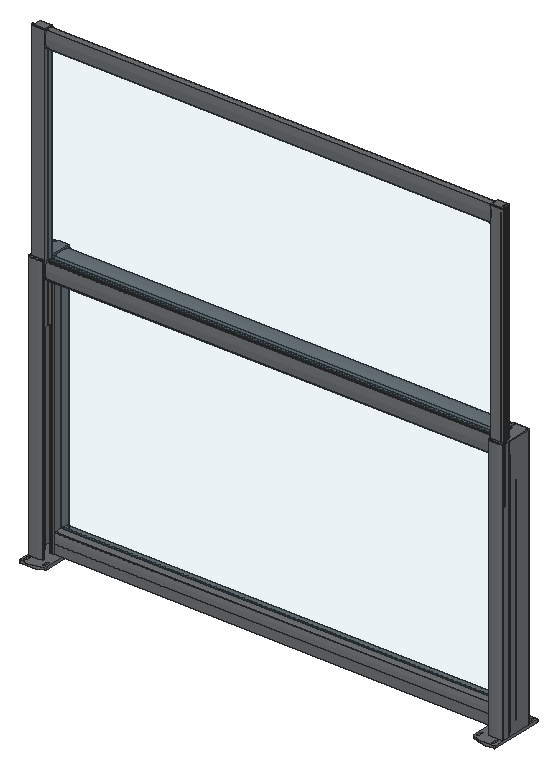
Revit family "Verano_V745_Luderitz_GM_R21", category Generic Models, Revit 2021
Family settings
  Can host rebar = No
  Round Connector Dimension = Use Diameter
  Part Type = Normal
  Work Plane-Based = No
  Always vertical = Yes
  Cut with Voids When Loaded = No
  Shared = No
  Room Calculation Point = No
Parameters (values of type "Glass Slide Out")
  Width Input (1000 - 3000mm) [instance] = 2000 mm
  Width [instance] = Owerall Width Constraint  # 2000 mm
  Warning - Width [instance] = if(or([Width Input (1000 - 3000mm)] < Minimal Width, [Width Input (1000 - 3000mm)] > Maximal Width), 1 = 1, 1 = 0)  # no
  Warning - Height [instance] = if(or([Height Input (1000 - 3000mm)] < Minimal Height, [Height Input (1000 - 3000mm)] > Maximal Height), 1 = 1, 1 = 0)  # no
  URL = "https://verano.nl/en/catalog/windscreens-fences"
  Sliding Frame Bottom [instance] = if(Opening Percentage Constraint = 0, 10 mm, (A - C) * Opening Percentage Constraint / 100 + 10 mm)  # 883 mm
  Opening Percentage Constraint [instance] = if(Opening Percentage < 0, 0, if(Opening Percentage > 100, 100, Opening Percentage))  # 100
  Opening Percentage [instance] = 100
  Top Profile_Fix_Length [instance] = Owerall Width Constraint - 2 * 61 mm  # 1878 mm
  Top Profile_Fix_Height [instance] = A - 61 mm + 10 mm  # 1076 mm
  Sliding Frame Height [instance] = D - A + C  # 1127 mm
  Minimal Height = 1500 mm  # constant formula
  Maximal Height = 2500 mm  # constant formula
  Owerall Width Constraint [instance] = if([Width Input (1000 - 3000mm)] < Minimal Width, Minimal Width, if([Width Input (1000 - 3000mm)] > Maximal Width, Maximal Width, [Width Input (1000 - 3000mm)]))  # 2000 mm
  Model = "V745 Luderitz"
  Minimal Width = 1000 mm  # constant formula
  Maximal Width = 3000 mm  # constant formula
  Manufacturer = "Verano Systems"
  Height Input (1000 - 3000mm) [instance] = 2000 mm
  Height [instance] = D  # 2000 mm
  Glass_Slide_Out = yes
  Glass_Slide_In = no
  Glass Material = Glass
  Frame Material = V_Antracite
  Foot_Straight_Right [instance] = yes
  Foot_Straight_Left [instance] = yes
  Foot_Corner_Right [instance] = not(Foot_Straight_Right)  # no
  Foot_Corner_Left [instance] = not(Foot_Straight_Left)  # no
  Fixed Glass Width [instance] = Owerall Width Constraint - 2 * 55 mm  # 1890 mm
  Fixed Glass Top Offset = 67 mm  # constant formula
  Fixed Glass Height [instance] = A - 65 mm  # 1062 mm
  Fixed Glass Bottom Offset = 77.5 mm  # constant formula
  Description = "Movable part elektrical operated"
  Default Elevation = 0 mm
  D min [instance] = 1500 mm  # constant formula
  D max [instance] = 2500 mm  # constant formula
  D [instance] = if([Height Input (1000 - 3000mm)] < D min, D min, if([Height Input (1000 - 3000mm)] > D max, D max, [Height Input (1000 - 3000mm)]))  # 2000 mm
  C [instance] = 254 mm  # constant formula
  Bottom Profile_Fix_Length [instance] = Owerall Width Constraint - 2 * 61 mm  # 1878 mm
  A min [instance] = D min / 2 - 127 mm  # 623 mm
  A max [instance] = D max / 2 - 127 mm  # 1123 mm
  A [instance] = if(D < D min, D min / 2 + 127 mm, if(D > D max, D max / 2 + 127 mm, D / 2 + 127 mm))  # 1127 mm
Reference planes
  plane 1 "Center (Front/Back)": y = 0
  plane 2: z = 0
  plane 3 "Center (Left/Right)": x = 0
  plane 4: x = -1000
  plane 5: x = 1000
  plane 6: x = -945
  plane 7: x = 945
  plane 8: y = -25.925
  plane 9: y = 25.925
  plane 10: y = -21.525
  plane 11: y = -30.325
  plane 12: z = 77.5
  plane 13: z = 2500
  plane 14: y = 40.47
  plane 15: y = -40.47
  plane 16: z = 10
Forms (mm)
  Extrusion 1, solid, material "Glass" <- "Glass Material", visible <- "Glass_Slide_In"
    sketch origin (0, 0, 0) x (1, 0, 0) y (0, 1, 0)
      loop
        line (-945, -21.525) -> (-945, -30.325) -> (945, -30.325) -> (945, -21.525) -> (-945, -21.525)
    from 77.5 to 1062 <- "Fixed Glass Height"
  Extrusion 2, solid, material "Glass" <- "Glass Material", visible <- "Glass_Slide_Out"
    sketch origin (0, 0, 0) x (1, 0, 0) y (0, 1, 0)
      loop
        line (-945, 21.525) -> (945, 21.525) -> (945, 30.325) -> (-945, 30.325) -> (-945, 21.525)
    from 77.5 to 1062 <- "Fixed Glass Height"
Dimensions and locks
  equal spacing: plane 4, plane 3 "Center (Left/Right)", plane 5
  "Owerall Width Constraint": plane 4 to plane 5
  equal spacing: plane 6, plane 3 "Center (Left/Right)", plane 7
  "Fixed Glass Width": plane 6 to plane 7
  locked: plane 8 to plane 1 "Center (Front/Back)" at 25.925
  locked: plane 1 "Center (Front/Back)" to plane 9 at 25.925
  Extrusion 1 to Extrusion 1 = 984.5 mm
  "Fixed Glass Bottom Offset": plane 12 to plane 2
  plane 13 to plane 2 = 2500 mm
  locked: plane 1 "Center (Front/Back)" to plane 14 at 40.47
  locked: plane 15 to plane 1 "Center (Front/Back)" at 40.47
  locked: plane 16 to plane 2 at 10
  nested 4 to level = 1076 mm
  nested 8 to plane 16 = 873 mm
  nested 1 to plane 16 = 1127 mm
  nested 8 to nested 8 = 1127 mm
  nested 8 to plane 16 = 2000 mm
  aligned and locked: level to plane 2
  aligned and locked: plane 1 "Center (Front/Back)" to nested 1
  aligned and locked: plane 4 to nested 1
  aligned and locked: plane 1 "Center (Front/Back)" to nested 2
  aligned and locked: plane 5 to nested 2
  aligned and locked: Extrusion 1 sketch curve to plane 6
  aligned and locked: Extrusion 1 sketch curve to plane 10
  aligned and locked: Extrusion 1 sketch curve to plane 11
  aligned and locked: Extrusion 1 sketch curve to plane 7
  aligned and locked: plane 3 "Center (Left/Right)" to nested 3
  aligned and locked: plane 8 to nested 3
  aligned and locked: plane 3 "Center (Left/Right)" to nested 5
  aligned and locked: plane 8 to nested 5
  aligned and locked: plane 3 "Center (Left/Right)" to nested 7
Automatic sketch dimensions
  Extrusion 2 sketch curve to plane 6 = 0 mm
  Extrusion 2 sketch curve to plane 7 = 0 mm
  Extrusion 2 sketch curve to plane 9 = 4.4 mm
  plane 9 to Extrusion 2 sketch curve = 4.4 mm
Nested families
  nested 1: "V-Pillar Left" at (-1000, 0, 0), type "V-Pillar Left"
    with Profile Length 1127 mm, Pillar Height 877 mm, Glass Slide Out yes, Glass Slide In no, Cap Height 1137 mm
  nested 2: "V-Pillar Right" at (1000, 0, 0), type "V-Pillar Right"
    with Profile Height 1125 mm, Pillar Height Constraint 1127 mm, Pillar Height 1127 mm, Glass Slide Out yes, Glass Slide In no, Cap Height 1127 mm
  nested 3: "V-Top Profile-Fix" at (0, -25.925, 1076), built-in parameter 1001360 <- "Top Profile_Fix_Height", visible <- "Glass_Slide_In", type "V-Top Profile-Fix"
  nested 4: "V-Top Profile-Fix" at (0, 25.925, 1076), built-in parameter 1001360 <- "Top Profile_Fix_Height", visible <- "Glass_Slide_Out", type "V-Top Profile-Fix"
  nested 5: "V-bottom Profile-Fix" at (0, -25.925, 0), visible <- "Glass_Slide_In", type "V-bottom Profile-Fix"
  nested 6: "V-bottom Profile-Fix" at (0, 25.925, 0), visible <- "Glass_Slide_Out", type "V-bottom Profile-Fix"
  nested 7: "V-Luderitz_Sliding Frame" at (0, 40.47, 883), visible <- "Glass_Slide_In", built-in parameter 1001360 <- "Sliding Frame Bottom", type "V-Luderitz_Sliding Frame"
    with Vertical Profile Height 1125 mm, Glass Height 1062 mm, Frame Height 1127 mm
  nested 8: "V-Luderitz_Sliding Frame" at (0, -40.47, 883), visible <- "Glass_Slide_Out", built-in parameter 1001360 <- "Sliding Frame Bottom", type "V-Luderitz_Sliding Frame"
    with Vertical Profile Height 1125 mm, Glass Height 1062 mm, Frame Height 1127 mm
Definition of nested family "V-Pillar Left"
  Parameters (values of type "V-Pillar Left")
    Straight Foot = yes
    Profile Length = 1000 mm
    Pillar Height = 1375 mm
    Glass Slide Out = no
    Glass Slide In = yes
    Frame Material = none
    Foot height = 10 mm  # constant formula
    Default Elevation = 0 mm
    Corner Foot = no
    Cap Height = Profile Length + Foot height  # 1010 mm
  Reference planes
    plane 1 "Center (Front/Back)": y = 0
    plane 2: z = 0
    plane 3 "Center (Left/Right)": x = 0
    plane 4 "1": z = 10
    plane 5 "2": z = 1010
  Forms (mm)
    Extrusion 1, solid, material <- "Frame Material", visible <- "Straight Foot"
      sketch origin (0, 0, 0) x (1, 0, 0) y (0, 1, 0)
        loop
          arc (97.085, 102.067) -> (51.564, 115.237) -> (4.182, 114.495) r 160
          arc (4.182, 114.495) -> (1.186, 112.796) -> (0, 109.563) r 5
          line (0, 109.563) -> (0, -109.264)
          arc (0, -109.264) -> (1.186, -112.497) -> (4.182, -114.196) r 5
          arc (4.182, -114.196) -> (51.564, -114.938) -> (97.085, -101.769) r 160
          arc (97.085, -101.769) -> (99.209, -99.924) -> (100, -97.224) r 5
          line (100, -97.224) -> (100, 97.523)
          arc (100, 97.523) -> (99.209, 100.222) -> (97.085, 102.067) r 5
        loop
          arc (81, -90.912) -> (87, -96.912) -> (93, -90.912) r 6
          line (93, -90.912) -> (93, -77.912)
          arc (93, -77.912) -> (87, -71.912) -> (81, -77.912) r 6
          line (81, -77.912) -> (81, -90.912)
        loop
          arc (19, -88.316) -> (13, -82.316) -> (7, -88.316) r 6
          line (7, -88.316) -> (7, -101.316)
          arc (7, -101.316) -> (13, -107.316) -> (19, -101.316) r 6
          line (19, -101.316) -> (19, -88.316)
        loop
          arc (93, 91.211) -> (87, 97.211) -> (81, 91.211) r 6
          line (81, 91.211) -> (81, 78.211)
          arc (81, 78.211) -> (87, 72.211) -> (93, 78.211) r 6
          line (93, 78.211) -> (93, 91.211)
        loop
          arc (19, 101.615) -> (13, 107.615) -> (7, 101.615) r 6
          line (7, 101.615) -> (7, 88.615)
          arc (7, 88.615) -> (13, 82.615) -> (19, 88.615) r 6
          line (19, 88.615) -> (19, 101.615)
      from 0 to 10 <- "Foot height"
    Extrusion 2, solid, material <- "Frame Material", visible <- "Glass Slide In"
      sketch origin (0, 0, 10) x (-1, 0, 0) y (0, -1, 0)
        loop
          arc (-60.246, -67.773) -> (-30.638, -71.65) -> (-1.031, -67.773) r 115
          arc (-1.031, -67.773) -> (-0.495, -67.416) -> (-0.288, -66.807) r 1
          line (-0.288, -66.807) -> (-0.288, -46.05) -> (-1.888, -46.05) -> (-1.888, -49.15) -> (-9.288, -49.15) -> (-9.288, -31.75) -> (-1.888, -31.75) -> (-1.888, -34.85) -> (-0.298, -34.85) -> (-0.298, 66.734)
          arc (-0.298, 66.734) -> (-0.504, 67.342) -> (-1.036, 67.699) r 1
          arc (-1.036, 67.699) -> (-30.652, 71.65) -> (-60.267, 67.698) r 112.969
          arc (-60.267, 67.698) -> (-60.799, 67.34) -> (-61.005, 66.733) r 1
          line (-61.005, 66.733) -> (-61.005, 31.9) -> (-59.405, 31.9) -> (-59.405, 35.001) -> (-52.005, 35.001) -> (-52.005, 17.6) -> (-59.405, 17.6) -> (-59.405, 20.701) -> (-61.005, 20.701) -> (-61.005, -13.348)
          arc (-61.005, -13.348) -> (-60.812, -13.938) -> (-60.309, -14.301) r 1
          line (-60.309, -14.301) -> (-49.005, -17.289) -> (-49.005, -15.756) -> (-50.505, -15.425) -> (-50.505, -14.261) -> (-51.505, -14.261) -> (-51.505, -15.261) -> (-52.805, -15.261) -> (-52.805, -9.761) -> (-51.505, -9.761) -> (-51.505, -10.761) -> (-50.505, -10.761) -> (-50.505, -8.461) -> (-53.993, -8.461) -> (-54.682, -9.126)
          arc (-54.682, -9.126) -> (-56.333, -12.811) -> (-57.889, -9.085) r 2.2
          line (-57.889, -9.085) -> (-59.005, -8.009) -> (-59.005, 15.601) -> (-50.005, 15.601) -> (-50.005, 37) -> (-59.005, 37) -> (-59.005, 60.61) -> (-57.668, 59.719)
          arc (-57.668, 59.719) -> (-56.598, 59.944) -> (-56.373, 61.014) r 1
          arc (-56.373, 61.014) -> (-57.86, 64.768) -> (-54.106, 63.281) r 2.2
          arc (-54.106, 63.281) -> (-53.035, 63.506) -> (-52.811, 64.576) r 1
          arc (-52.811, 64.576) -> (-53.83, 66.03) -> (-55.403, 66.853) r 3.75
          arc (-55.403, 66.853) -> (-33.362, 69.617) -> (-11.212, 67.934) r 110.904
          arc (-11.212, 67.934) -> (-10.516, 67.439) -> (-10.456, 66.586) r 1
          line (-10.456, 66.586) -> (-10.811, 65.673)
          arc (-10.811, 65.673) -> (-9.995, 65.083) -> (-8.99, 65.003) r 1.867
          arc (-8.99, 65.003) -> (-5.229, 66.562) -> (-6.795, 62.803) r 2.202
          line (-6.795, 62.803) -> (-6.795, 57.53) -> (-4.798, 57.53) -> (-4.798, 61.53) -> (-2.298, 61.53) -> (-2.298, -9.17) -> (-4.798, -9.17) -> (-4.798, -5.17) -> (-6.798, -5.17) -> (-6.798, -7.894) -> (-20.348, -7.894) -> (-20.348, -10.194) -> (-19.348, -10.194) -> (-19.348, -9.194) -> (-18.048, -9.194) -> (-18.048, -14.694) -> (-19.348, -14.694) -> (-19.348, -13.694) -> (-20.348, -13.694) -> (-20.348, -15.994) -> (-16.748, -15.994) -> (-16.748, -13.746)
          arc (-16.748, -13.746) -> (-16.22, -13.55) -> (-15.813, -13.159) r 1.387
          line (-15.813, -13.159) -> (-16.381, -12.354)
          arc (-16.381, -12.354) -> (-14.298, -9.386) -> (-12.216, -12.354) r 2.215
          line (-12.216, -12.354) -> (-12.783, -13.159) -> (-11.898, -14.044) -> (-11.898, -30.15) -> (-21.638, -30.15)
          arc (-21.638, -30.15) -> (-22.888, -31.4) -> (-21.638, -32.65) r 1.25
          line (-21.638, -32.65) -> (-11.788, -32.65) -> (-11.788, -48.25) -> (-21.638, -48.25)
          arc (-21.638, -48.25) -> (-22.888, -49.5) -> (-21.638, -50.75) r 1.25
          line (-21.638, -50.75) -> (-3.788, -50.75) -> (-3.788, -60.45) -> (-59.988, -60.45)
          arc (-59.988, -60.45) -> (-60.695, -60.742) -> (-60.988, -61.45) r 1
          line (-60.988, -61.45) -> (-60.988, -66.807)
          arc (-60.988, -66.807) -> (-60.781, -67.416) -> (-60.246, -67.773) r 1
      from 0 to 1000 <- "Profile Length"
    Extrusion 3, solid, material <- "Frame Material", visible <- "Glass Slide In"
      sketch origin (0, 0, 1010) x (-1, 0, 0) y (0, -1, 0)
        loop
          arc (-1.06, -68.336) -> (-0.231, -67.77) -> (0.055, -66.807) r 1.5
          line (0.055, -66.807) -> (0.055, 66.48)
          arc (0.055, 66.48) -> (-0.231, 67.442) -> (-1.06, 68.009) r 1.5
          arc (-1.06, 68.009) -> (-30.651, 71.822) -> (-60.231, 67.929) r 115.5
          arc (-60.231, 67.929) -> (-61.034, 67.393) -> (-61.345, 66.48) r 1.5
          line (-61.345, 66.48) -> (-61.345, -19.15)
          arc (-61.345, -19.15) -> (-60.905, -20.211) -> (-59.843, -20.65) r 1.5
          line (-59.843, -20.65) -> (-14.745, -20.65)
          arc (-14.745, -20.65) -> (-13.118, -21.323) -> (-12.445, -22.95) r 2.3
          line (-12.445, -22.95) -> (-12.445, -48.95)
          arc (-12.445, -48.95) -> (-12.152, -49.657) -> (-11.445, -49.95) r 1
          line (-11.445, -49.95) -> (-6.145, -49.95)
          arc (-6.145, -49.95) -> (-4.518, -50.623) -> (-3.845, -52.25) r 2.3
          line (-3.845, -52.25) -> (-3.845, -57.95)
          arc (-3.845, -57.95) -> (-4.518, -59.576) -> (-6.145, -60.25) r 2.3
          line (-6.145, -60.25) -> (-59.845, -60.25)
          arc (-59.845, -60.25) -> (-60.905, -60.688) -> (-61.345, -61.748) r 1.5
          line (-61.345, -61.748) -> (-61.345, -66.807)
          arc (-61.345, -66.807) -> (-61.034, -67.721) -> (-60.231, -68.256) r 1.5
          arc (-60.231, -68.256) -> (-30.651, -72.149) -> (-1.06, -68.336) r 115.5
      from 0 to 2
    Extrusion 4, solid, material <- "Frame Material", visible <- "Corner Foot"
      sketch origin (0, 0, 0) x (1, 0, 0) y (0, 1, 0)
        loop
          line (47.938, 115.68) -> (-118.931, -51.012)
          arc (-118.931, -51.012) -> (-64.88, -90.409) -> (-1.945, -113.057) r 235.973
          arc (-1.945, -113.057) -> (48.472, -115.321) -> (97.085, -101.769) r 160
          arc (97.085, -101.769) -> (99.209, -99.924) -> (100, -97.224) r 5
          line (100, -97.224) -> (100, 97.523)
          arc (100, 97.523) -> (99.209, 100.222) -> (97.085, 102.067) r 5
          arc (97.085, 102.067) -> (73.057, 110.844) -> (47.938, 115.68) r 160
        loop
          line (-77.989, -50.659) -> (-85.401, -61.424)
          arc (-85.401, -61.424) -> (-83.974, -69.698) -> (-75.694, -68.306) r 5.949
          line (-75.694, -68.306) -> (-68.106, -57.718)
          arc (-68.106, -57.718) -> (-69.577, -49.329) -> (-77.989, -50.659) r 6.073
        loop
          arc (93, -77.912) -> (87, -71.912) -> (81, -77.912) r 6
          line (81, -77.912) -> (81, -90.912)
          arc (81, -90.912) -> (87, -96.912) -> (93, -90.912) r 6
          line (93, -90.912) -> (93, -77.912)
        loop
          line (81, 91.211) -> (81, 78.211)
          arc (81, 78.211) -> (87, 72.211) -> (93, 78.211) r 6
          line (93, 78.211) -> (93, 91.211)
          arc (93, 91.211) -> (87, 97.211) -> (81, 91.211) r 6
      from 0 to 10 <- "Foot height"
    Extrusion 5, solid, material <- "Frame Material", visible <- "Glass Slide Out"
      sketch origin (0, 0, 10) x (-1, 0, 0) y (0, -1, 0)
        loop
          arc (-60.246, 67.773) -> (-60.781, 67.416) -> (-60.988, 66.807) r 1
          line (-60.988, 66.807) -> (-60.988, 61.45)
          arc (-60.988, 61.45) -> (-60.695, 60.742) -> (-59.988, 60.45) r 1
          line (-59.988, 60.45) -> (-3.788, 60.45) -> (-3.788, 50.75) -> (-21.638, 50.75)
          arc (-21.638, 50.75) -> (-22.888, 49.5) -> (-21.638, 48.25) r 1.25
          line (-21.638, 48.25) -> (-11.788, 48.25) -> (-11.788, 32.65) -> (-21.638, 32.65)
          arc (-21.638, 32.65) -> (-22.888, 31.4) -> (-21.638, 30.15) r 1.25
          line (-21.638, 30.15) -> (-11.898, 30.15) -> (-11.898, 14.044) -> (-12.783, 13.159) -> (-12.216, 12.354)
          arc (-12.216, 12.354) -> (-14.298, 9.386) -> (-16.381, 12.354) r 2.215
          line (-16.381, 12.354) -> (-15.813, 13.159)
          arc (-15.813, 13.159) -> (-16.22, 13.55) -> (-16.748, 13.746) r 1.387
          line (-16.748, 13.746) -> (-16.748, 15.994) -> (-20.348, 15.994) -> (-20.348, 13.694) -> (-19.348, 13.694) -> (-19.348, 14.694) -> (-18.048, 14.694) -> (-18.048, 9.194) -> (-19.348, 9.194) -> (-19.348, 10.194) -> (-20.348, 10.194) -> (-20.348, 7.894) -> (-6.798, 7.894) -> (-6.798, 5.17) -> (-4.798, 5.17) -> (-4.798, 9.17) -> (-2.298, 9.17) -> (-2.298, -61.53) -> (-4.798, -61.53) -> (-4.798, -57.53) -> (-6.795, -57.53) -> (-6.795, -62.803)
          arc (-6.795, -62.803) -> (-5.229, -66.562) -> (-8.99, -65.003) r 2.202
          arc (-8.99, -65.003) -> (-9.995, -65.083) -> (-10.811, -65.673) r 1.867
          line (-10.811, -65.673) -> (-10.456, -66.586)
          arc (-10.456, -66.586) -> (-10.516, -67.439) -> (-11.212, -67.934) r 1
          arc (-11.212, -67.934) -> (-33.362, -69.617) -> (-55.403, -66.853) r 110.904
          arc (-55.403, -66.853) -> (-53.83, -66.03) -> (-52.811, -64.576) r 3.75
          arc (-52.811, -64.576) -> (-53.035, -63.506) -> (-54.106, -63.281) r 1
          arc (-54.106, -63.281) -> (-57.86, -64.768) -> (-56.373, -61.014) r 2.2
          arc (-56.373, -61.014) -> (-56.598, -59.944) -> (-57.668, -59.719) r 1
          line (-57.668, -59.719) -> (-59.005, -60.61) -> (-59.005, -37) -> (-50.005, -37) -> (-50.005, -15.601) -> (-59.005, -15.601) -> (-59.005, 8.009) -> (-57.889, 9.085)
          arc (-57.889, 9.085) -> (-56.333, 12.811) -> (-54.682, 9.126) r 2.2
          line (-54.682, 9.126) -> (-53.993, 8.461) -> (-50.505, 8.461) -> (-50.505, 10.761) -> (-51.505, 10.761) -> (-51.505, 9.761) -> (-52.805, 9.761) -> (-52.805, 15.261) -> (-51.505, 15.261) -> (-51.505, 14.261) -> (-50.505, 14.261) -> (-50.505, 15.425) -> (-49.005, 15.756) -> (-49.005, 17.289) -> (-60.309, 14.301)
          arc (-60.309, 14.301) -> (-60.812, 13.938) -> (-61.005, 13.348) r 1
          line (-61.005, 13.348) -> (-61.005, -20.701) -> (-59.405, -20.701) -> (-59.405, -17.6) -> (-52.005, -17.6) -> (-52.005, -35.001) -> (-59.405, -35.001) -> (-59.405, -31.9) -> (-61.005, -31.9) -> (-61.005, -66.733)
          arc (-61.005, -66.733) -> (-60.799, -67.34) -> (-60.267, -67.698) r 1
          arc (-60.267, -67.698) -> (-30.652, -71.65) -> (-1.036, -67.699) r 112.969
          arc (-1.036, -67.699) -> (-0.504, -67.342) -> (-0.298, -66.734) r 1
          line (-0.298, -66.734) -> (-0.298, 34.85) -> (-1.888, 34.85) -> (-1.888, 31.75) -> (-9.288, 31.75) -> (-9.288, 49.15) -> (-1.888, 49.15) -> (-1.888, 46.05) -> (-0.288, 46.05) -> (-0.288, 66.807)
          arc (-0.288, 66.807) -> (-0.495, 67.416) -> (-1.031, 67.773) r 1
          arc (-1.031, 67.773) -> (-30.638, 71.65) -> (-60.246, 67.773) r 115
      from 0 to 1000 <- "Profile Length"
    Extrusion 6, solid, material <- "Frame Material", visible <- "Glass Slide Out"
      sketch origin (0, 0, 1010) x (-1, 0, 0) y (0, -1, 0)
        loop
          arc (-1.06, 68.336) -> (-30.651, 72.149) -> (-60.231, 68.256) r 115.5
          arc (-60.231, 68.256) -> (-61.034, 67.721) -> (-61.345, 66.807) r 1.5
          line (-61.345, 66.807) -> (-61.345, 61.748)
          arc (-61.345, 61.748) -> (-60.905, 60.688) -> (-59.845, 60.25) r 1.5
          line (-59.845, 60.25) -> (-6.145, 60.25)
          arc (-6.145, 60.25) -> (-4.518, 59.576) -> (-3.845, 57.95) r 2.3
          line (-3.845, 57.95) -> (-3.845, 52.25)
          arc (-3.845, 52.25) -> (-4.518, 50.623) -> (-6.145, 49.95) r 2.3
          line (-6.145, 49.95) -> (-11.445, 49.95)
          arc (-11.445, 49.95) -> (-12.152, 49.657) -> (-12.445, 48.95) r 1
          line (-12.445, 48.95) -> (-12.445, 22.95)
          arc (-12.445, 22.95) -> (-13.118, 21.323) -> (-14.745, 20.65) r 2.3
          line (-14.745, 20.65) -> (-59.843, 20.65)
          arc (-59.843, 20.65) -> (-60.905, 20.211) -> (-61.345, 19.15) r 1.5
          line (-61.345, 19.15) -> (-61.345, -66.48)
          arc (-61.345, -66.48) -> (-61.034, -67.393) -> (-60.231, -67.929) r 1.5
          arc (-60.231, -67.929) -> (-30.651, -71.822) -> (-1.06, -68.009) r 115.5
          arc (-1.06, -68.009) -> (-0.231, -67.442) -> (0.055, -66.48) r 1.5
          line (0.055, -66.48) -> (0.055, 66.807)
          arc (0.055, 66.807) -> (-0.231, 67.77) -> (-1.06, 68.336) r 1.5
      from 0 to 2
  Dimensions and locks
    locked: plane 4 "1" to level at 10
    plane 5 "2" to plane 4 "1" = 1000 mm
    "Cap Height": plane 5 "2" to level
    aligned and locked: level to plane 2
  Automatic sketch dimensions
    Extrusion 1 sketch curve to plane 3 "Center (Left/Right)" = 0 mm
    Extrusion 1 sketch curve to Extrusion 1 sketch curve = 5 mm  (x3)
    plane 3 "Center (Left/Right)" to Extrusion 1 sketch curve = 7 mm  (x2)
    Extrusion 1 sketch curve to Extrusion 1 sketch curve = 6 mm  (x4)
    plane 3 "Center (Left/Right)" to Extrusion 1 sketch curve = 30.35 mm  (x2)
    Extrusion 1 sketch curve to Extrusion 1 sketch curve = 50.65 mm
    Extrusion 1 sketch curve to Extrusion 1 sketch curve = 62 mm
    Extrusion 1 sketch curve to Extrusion 1 sketch curve = 2 mm  (x2)
    plane 1 "Center (Front/Back)" to Extrusion 1 sketch curve = 109.264 mm
    Extrusion 1 sketch curve to Extrusion 1 sketch curve = 7.948 mm  (x2)
    Extrusion 1 sketch curve to Extrusion 1 sketch curve = 4.092 mm
    Extrusion 1 sketch curve to Extrusion 1 sketch curve = 6.312 mm  (x2)
    Extrusion 1 sketch curve to Extrusion 1 sketch curve = 13 mm  (x4)
    plane 1 "Center (Front/Back)" to Extrusion 1 sketch curve = 43.35 mm
    Extrusion 1 sketch curve to plane 1 "Center (Front/Back)" = 43.649 mm
    Extrusion 1 sketch curve to Extrusion 1 sketch curve = 34.562 mm
    Extrusion 1 sketch curve to Extrusion 1 sketch curve = 44.966 mm
    Extrusion 1 sketch curve to Extrusion 1 sketch curve = 0 mm  (x2)
    plane 3 "Center (Left/Right)" to Extrusion 2 sketch curve = 61.005 mm
    Extrusion 2 sketch curve to Extrusion 2 sketch curve = 0 mm  (x7)
    Extrusion 2 sketch curve to Extrusion 2 sketch curve = 0.016 mm
    Extrusion 2 sketch curve to plane 1 "Center (Front/Back)" = 14.301 mm
    Extrusion 2 sketch curve to Extrusion 2 sketch curve = 0.696 mm
    Extrusion 2 sketch curve to Extrusion 2 sketch curve = 1 mm  (x15)
    Extrusion 2 sketch curve to Extrusion 2 sketch curve = 1.6 mm  (x2)
    Extrusion 2 sketch curve to Extrusion 2 sketch curve = 0.4 mm
    Extrusion 2 sketch curve to plane 1 "Center (Front/Back)" = 9.085 mm
    Extrusion 2 sketch curve to Extrusion 2 sketch curve = 1.116 mm
    Extrusion 2 sketch curve to Extrusion 2 sketch curve = 1.336 mm
    Extrusion 2 sketch curve to Extrusion 2 sketch curve = 0.364 mm
    Extrusion 2 sketch curve to Extrusion 2 sketch curve = 1.584 mm
    Extrusion 2 sketch curve to plane 1 "Center (Front/Back)" = 9.126 mm
    Extrusion 2 sketch curve to Extrusion 2 sketch curve = 1.622 mm
    Extrusion 2 sketch curve to Extrusion 2 sketch curve = 0.69 mm
    Extrusion 2 sketch curve to Extrusion 2 sketch curve = 2.562 mm  (x2)
    Extrusion 2 sketch curve to Extrusion 2 sketch curve = 1.188 mm
    Extrusion 2 sketch curve to Extrusion 2 sketch curve = 7 mm
    Extrusion 2 sketch curve to Extrusion 2 sketch curve = 1.3 mm  (x7)
    Extrusion 2 sketch curve to Extrusion 2 sketch curve = 2 mm  (x4)
    Extrusion 2 sketch curve to Extrusion 2 sketch curve = 1.5 mm
    Extrusion 2 sketch curve to Extrusion 2 sketch curve = 18.354 mm
    Extrusion 2 sketch curve to Extrusion 2 sketch curve = 0.002 mm
    Extrusion 2 sketch curve to Extrusion 2 sketch curve = 19.366 mm
    Extrusion 2 sketch curve to Extrusion 2 sketch curve = 9.01 mm
    Extrusion 2 sketch curve to Extrusion 2 sketch curve = 9.012 mm
    Extrusion 2 sketch curve to Extrusion 2 sketch curve = 1.29 mm
    Extrusion 2 sketch curve to Extrusion 2 sketch curve = 1.091 mm
    Extrusion 2 sketch curve to Extrusion 2 sketch curve = 0.576 mm  (x2)
    Extrusion 2 sketch curve to Extrusion 2 sketch curve = 0.568 mm  (x2)
    Extrusion 2 sketch curve to Extrusion 2 sketch curve = 1.515 mm  (x2)
    Extrusion 2 sketch curve to Extrusion 2 sketch curve = 0.885 mm  (x2)
    Extrusion 2 sketch curve to Extrusion 2 sketch curve = 0.11 mm
    plane 3 "Center (Left/Right)" to Extrusion 2 sketch curve = 11.388 mm
    Extrusion 2 sketch curve to Extrusion 2 sketch curve = 0.356 mm
    Extrusion 2 sketch curve to Extrusion 2 sketch curve = 1.105 mm
    Extrusion 2 sketch curve to Extrusion 2 sketch curve = 2.5 mm
    plane 3 "Center (Left/Right)" to Extrusion 2 sketch curve = 6.798 mm
    plane 3 "Center (Left/Right)" to Extrusion 2 sketch curve = 6.795 mm
    Extrusion 2 sketch curve to Extrusion 2 sketch curve = 0.007 mm
    Extrusion 2 sketch curve to Extrusion 2 sketch curve = 1.997 mm
    plane 3 "Center (Left/Right)" to Extrusion 2 sketch curve = 3.788 mm
    plane 3 "Center (Left/Right)" to Extrusion 2 sketch curve = 2.298 mm
    plane 3 "Center (Left/Right)" to Extrusion 2 sketch curve = 1.888 mm  (x2)
    plane 3 "Center (Left/Right)" to Extrusion 2 sketch curve = 1.298 mm
    plane 3 "Center (Left/Right)" to Extrusion 2 sketch curve = 1.288 mm
    plane 3 "Center (Left/Right)" to Extrusion 2 sketch curve = 0.298 mm
    plane 3 "Center (Left/Right)" to Extrusion 2 sketch curve = 0.288 mm
    Extrusion 2 sketch curve to plane 1 "Center (Front/Back)" = 14.694 mm
    Extrusion 2 sketch curve to Extrusion 2 sketch curve = 4.65 mm
    Extrusion 2 sketch curve to Extrusion 2 sketch curve = 0.164 mm
    Extrusion 2 sketch curve to Extrusion 2 sketch curve = 0.331 mm
    Extrusion 2 sketch curve to Extrusion 2 sketch curve = 1.533 mm
    Extrusion 2 sketch curve to Extrusion 2 sketch curve = 14.155 mm
    Extrusion 2 sketch curve to Extrusion 2 sketch curve = 1.25 mm  (x2)
    Extrusion 2 sketch curve to Extrusion 2 sketch curve = 0.9 mm
    Extrusion 2 sketch curve to Extrusion 2 sketch curve = 3.1 mm  (x4)
    Extrusion 2 sketch curve to Extrusion 2 sketch curve = 8.604 mm
    Extrusion 2 sketch curve to Extrusion 2 sketch curve = 0.066 mm
    Extrusion 2 sketch curve to Extrusion 2 sketch curve = 11.2 mm  (x2)
    Extrusion 2 sketch curve to Extrusion 2 sketch curve = 2.2 mm
    Extrusion 2 sketch curve to Extrusion 2 sketch curve = 9.7 mm
    Extrusion 2 sketch curve to Extrusion 2 sketch curve = 6.357 mm
    Extrusion 2 sketch curve to Extrusion 2 sketch curve = 5.357 mm
    Extrusion 2 sketch curve to Extrusion 2 sketch curve = 1.95 mm
    Extrusion 2 sketch curve to Extrusion 2 sketch curve = 0.948 mm
    Extrusion 2 sketch curve to Extrusion 2 sketch curve = 0.587 mm
    Extrusion 2 sketch curve to Extrusion 2 sketch curve = 0.805 mm
    Extrusion 2 sketch curve to Extrusion 2 sketch curve = 1.559 mm
    Extrusion 2 sketch curve to Extrusion 2 sketch curve = 3.5 mm
    Extrusion 2 sketch curve to Extrusion 2 sketch curve = 2.181 mm
    Extrusion 2 sketch curve to Extrusion 2 sketch curve = 3.184 mm
    Extrusion 2 sketch curve to Extrusion 2 sketch curve = 1.076 mm
    Extrusion 2 sketch curve to Extrusion 2 sketch curve = 2.724 mm
    plane 1 "Center (Front/Back)" to Extrusion 2 sketch curve = 15.601 mm
    Extrusion 2 sketch curve to Extrusion 2 sketch curve = 6.35 mm
    Extrusion 2 sketch curve to Extrusion 2 sketch curve = 14.179 mm
    Extrusion 2 sketch curve to Extrusion 2 sketch curve = 22.719 mm
    Extrusion 2 sketch curve to Extrusion 2 sketch curve = 0.891 mm
    Extrusion 2 sketch curve to Extrusion 2 sketch curve = 0.932 mm  (x2)
    Extrusion 2 sketch curve to Extrusion 2 sketch curve = 4 mm
    Extrusion 2 sketch curve to Extrusion 2 sketch curve = 1.274 mm
    Extrusion 2 sketch curve to Extrusion 2 sketch curve = 2.202 mm
    Extrusion 2 sketch curve to Extrusion 2 sketch curve = 0.667 mm
    Extrusion 2 sketch curve to Extrusion 2 sketch curve = 0.913 mm
    Extrusion 2 sketch curve to Extrusion 2 sketch curve = 3.52 mm
    Extrusion 2 sketch curve to Extrusion 2 sketch curve = 5.205 mm
    Extrusion 2 sketch curve to Extrusion 2 sketch curve = 0.249 mm
    Extrusion 2 sketch curve to Extrusion 2 sketch curve = 0.363 mm  (x2)
    Extrusion 2 sketch curve to Extrusion 2 sketch curve = 1.661 mm
    plane 1 "Center (Front/Back)" to Extrusion 4 sketch curve = 51.012 mm
    Extrusion 4 sketch curve to plane 3 "Center (Left/Right)" = 118.931 mm
    Extrusion 4 sketch curve to Extrusion 4 sketch curve = 33.53 mm
    Extrusion 4 sketch curve to Extrusion 4 sketch curve = 4.867 mm
    Extrusion 4 sketch curve to Extrusion 4 sketch curve = 7.411 mm
    Extrusion 4 sketch curve to Extrusion 4 sketch curve = 4.839 mm
    Extrusion 4 sketch curve to Extrusion 4 sketch curve = 4.882 mm
    Extrusion 4 sketch curve to Extrusion 4 sketch curve = 5.001 mm
    plane 3 "Center (Left/Right)" to Extrusion 4 sketch curve = 30.35 mm  (x2)
    plane 3 "Center (Left/Right)" to Extrusion 4 sketch curve = 45.685 mm
    Extrusion 4 sketch curve to Extrusion 4 sketch curve = 2.253 mm
    Extrusion 4 sketch curve to Extrusion 4 sketch curve = 50.65 mm
    Extrusion 4 sketch curve to Extrusion 4 sketch curve = 33.062 mm
    Extrusion 4 sketch curve to Extrusion 4 sketch curve = 6 mm  (x2)
    Extrusion 4 sketch curve to Extrusion 4 sketch curve = 2 mm  (x2)
    Extrusion 4 sketch curve to Extrusion 4 sketch curve = 5 mm
    Extrusion 4 sketch curve to Extrusion 4 sketch curve = 3.259 mm
    Extrusion 4 sketch curve to Extrusion 4 sketch curve = 3.447 mm
    Extrusion 4 sketch curve to Extrusion 4 sketch curve = 10.765 mm
    Extrusion 4 sketch curve to Extrusion 4 sketch curve = 3.421 mm
    plane 1 "Center (Front/Back)" to Extrusion 4 sketch curve = 77.912 mm
    Extrusion 4 sketch curve to Extrusion 4 sketch curve = 13 mm  (x2)
    Extrusion 4 sketch curve to Extrusion 4 sketch curve = 6.312 mm  (x2)
    plane 1 "Center (Front/Back)" to Extrusion 4 sketch curve = 43.35 mm
    Extrusion 4 sketch curve to plane 1 "Center (Front/Back)" = 43.649 mm
    Extrusion 4 sketch curve to Extrusion 4 sketch curve = 34.562 mm
    Extrusion 4 sketch curve to Extrusion 4 sketch curve = 24.469 mm
    Extrusion 4 sketch curve to Extrusion 4 sketch curve = 2.378 mm
    Extrusion 4 sketch curve to Extrusion 4 sketch curve = 0 mm
    plane 3 "Center (Left/Right)" to Extrusion 5 sketch curve = 61.005 mm
    Extrusion 5 sketch curve to Extrusion 5 sketch curve = 0 mm  (x7)
    Extrusion 5 sketch curve to Extrusion 5 sketch curve = 0.016 mm
    plane 1 "Center (Front/Back)" to Extrusion 5 sketch curve = 14.301 mm
    Extrusion 5 sketch curve to Extrusion 5 sketch curve = 0.696 mm
    Extrusion 5 sketch curve to Extrusion 5 sketch curve = 1 mm  (x15)
    Extrusion 5 sketch curve to Extrusion 5 sketch curve = 1.6 mm  (x2)
    Extrusion 5 sketch curve to Extrusion 5 sketch curve = 0.4 mm
    plane 1 "Center (Front/Back)" to Extrusion 5 sketch curve = 9.085 mm
    Extrusion 5 sketch curve to Extrusion 5 sketch curve = 1.116 mm
    Extrusion 5 sketch curve to Extrusion 5 sketch curve = 1.336 mm
    Extrusion 5 sketch curve to Extrusion 5 sketch curve = 0.364 mm
    Extrusion 5 sketch curve to Extrusion 5 sketch curve = 1.584 mm
    plane 1 "Center (Front/Back)" to Extrusion 5 sketch curve = 9.126 mm
    Extrusion 5 sketch curve to Extrusion 5 sketch curve = 1.622 mm
    Extrusion 5 sketch curve to Extrusion 5 sketch curve = 0.69 mm
    Extrusion 5 sketch curve to Extrusion 5 sketch curve = 2.562 mm  (x2)
    Extrusion 5 sketch curve to Extrusion 5 sketch curve = 1.188 mm
    Extrusion 5 sketch curve to Extrusion 5 sketch curve = 7 mm
    Extrusion 5 sketch curve to Extrusion 5 sketch curve = 1.3 mm  (x7)
    Extrusion 5 sketch curve to Extrusion 5 sketch curve = 2 mm  (x4)
    Extrusion 5 sketch curve to Extrusion 5 sketch curve = 1.5 mm
    Extrusion 5 sketch curve to Extrusion 5 sketch curve = 18.354 mm
    Extrusion 5 sketch curve to Extrusion 5 sketch curve = 0.002 mm
    Extrusion 5 sketch curve to Extrusion 5 sketch curve = 19.366 mm
    Extrusion 5 sketch curve to Extrusion 5 sketch curve = 9.01 mm
    Extrusion 5 sketch curve to Extrusion 5 sketch curve = 9.012 mm
    Extrusion 5 sketch curve to Extrusion 5 sketch curve = 1.29 mm
    Extrusion 5 sketch curve to Extrusion 5 sketch curve = 1.091 mm
    Extrusion 5 sketch curve to Extrusion 5 sketch curve = 0.576 mm  (x2)
    Extrusion 5 sketch curve to Extrusion 5 sketch curve = 0.568 mm  (x2)
    Extrusion 5 sketch curve to Extrusion 5 sketch curve = 1.515 mm  (x2)
    Extrusion 5 sketch curve to Extrusion 5 sketch curve = 0.885 mm  (x2)
    Extrusion 5 sketch curve to Extrusion 5 sketch curve = 0.11 mm
    plane 3 "Center (Left/Right)" to Extrusion 5 sketch curve = 11.388 mm
    Extrusion 5 sketch curve to Extrusion 5 sketch curve = 0.356 mm
    Extrusion 5 sketch curve to Extrusion 5 sketch curve = 1.105 mm
    Extrusion 5 sketch curve to Extrusion 5 sketch curve = 2.5 mm
    plane 3 "Center (Left/Right)" to Extrusion 5 sketch curve = 6.798 mm
    plane 3 "Center (Left/Right)" to Extrusion 5 sketch curve = 6.795 mm
    Extrusion 5 sketch curve to Extrusion 5 sketch curve = 0.007 mm
    Extrusion 5 sketch curve to Extrusion 5 sketch curve = 1.997 mm
    plane 3 "Center (Left/Right)" to Extrusion 5 sketch curve = 3.788 mm
    plane 3 "Center (Left/Right)" to Extrusion 5 sketch curve = 2.298 mm
    plane 3 "Center (Left/Right)" to Extrusion 5 sketch curve = 1.888 mm  (x2)
    plane 3 "Center (Left/Right)" to Extrusion 5 sketch curve = 1.298 mm
    plane 3 "Center (Left/Right)" to Extrusion 5 sketch curve = 1.288 mm
    plane 3 "Center (Left/Right)" to Extrusion 5 sketch curve = 0.298 mm
    plane 3 "Center (Left/Right)" to Extrusion 5 sketch curve = 0.288 mm
    Extrusion 5 sketch curve to Extrusion 5 sketch curve = 0.665 mm
    Extrusion 5 sketch curve to Extrusion 5 sketch curve = 1.076 mm
    plane 1 "Center (Front/Back)" to Extrusion 5 sketch curve = 7.894 mm
    Extrusion 5 sketch curve to Extrusion 5 sketch curve = 2.724 mm
    Extrusion 5 sketch curve to plane 1 "Center (Front/Back)" = 15.601 mm
    Extrusion 5 sketch curve to Extrusion 5 sketch curve = 3.1 mm  (x3)
    Extrusion 5 sketch curve to Extrusion 5 sketch curve = 11.2 mm  (x2)
    Extrusion 5 sketch curve to Extrusion 5 sketch curve = 6.35 mm
    Extrusion 5 sketch curve to Extrusion 5 sketch curve = 14.179 mm
    Extrusion 5 sketch curve to Extrusion 5 sketch curve = 22.719 mm
    Extrusion 5 sketch curve to Extrusion 5 sketch curve = 0.891 mm
    Extrusion 5 sketch curve to Extrusion 5 sketch curve = 0.932 mm  (x2)
    Extrusion 5 sketch curve to Extrusion 5 sketch curve = 4 mm
    Extrusion 5 sketch curve to Extrusion 5 sketch curve = 1.274 mm
    Extrusion 5 sketch curve to Extrusion 5 sketch curve = 2.202 mm
    Extrusion 5 sketch curve to Extrusion 5 sketch curve = 0.667 mm
    Extrusion 5 sketch curve to Extrusion 5 sketch curve = 0.913 mm
    Extrusion 5 sketch curve to Extrusion 5 sketch curve = 3.52 mm
    Extrusion 5 sketch curve to Extrusion 5 sketch curve = 5.205 mm
    Extrusion 5 sketch curve to Extrusion 5 sketch curve = 0.249 mm
    Extrusion 5 sketch curve to Extrusion 5 sketch curve = 0.363 mm  (x2)
    Extrusion 5 sketch curve to Extrusion 5 sketch curve = 1.276 mm
    Extrusion 5 sketch curve to Extrusion 5 sketch curve = 2.406 mm
    Extrusion 5 sketch curve to Extrusion 5 sketch curve = 0.753 mm
    Extrusion 5 sketch curve to Extrusion 5 sketch curve = 0.021 mm
    Extrusion 5 sketch curve to Extrusion 5 sketch curve = 0.805 mm  (x2)
    Extrusion 5 sketch curve to Extrusion 5 sketch curve = 3.5 mm  (x2)
    Extrusion 5 sketch curve to Extrusion 5 sketch curve = 0.164 mm
    Extrusion 5 sketch curve to Extrusion 5 sketch curve = 0.331 mm
    Extrusion 5 sketch curve to Extrusion 5 sketch curve = 1.533 mm
    Extrusion 5 sketch curve to Extrusion 5 sketch curve = 14.155 mm
    Extrusion 5 sketch curve to Extrusion 5 sketch curve = 1.25 mm  (x2)
    Extrusion 5 sketch curve to Extrusion 5 sketch curve = 0.9 mm  (x2)
    Extrusion 5 sketch curve to Extrusion 5 sketch curve = 8.604 mm
    Extrusion 5 sketch curve to Extrusion 5 sketch curve = 0.066 mm
    Extrusion 5 sketch curve to Extrusion 5 sketch curve = 6.93 mm
    Extrusion 5 sketch curve to Extrusion 5 sketch curve = 9.7 mm
    Extrusion 5 sketch curve to Extrusion 5 sketch curve = 5.357 mm
    Extrusion 5 sketch curve to Extrusion 5 sketch curve = 6.357 mm
    Extrusion 5 sketch curve to Extrusion 5 sketch curve = 1.661 mm
    Extrusion 3 sketch curve to plane 1 "Center (Front/Back)" = 19.15 mm
    plane 3 "Center (Left/Right)" to Extrusion 3 sketch curve = 61.345 mm
    Extrusion 3 sketch curve to Extrusion 3 sketch curve = 0 mm  (x8)
    Extrusion 3 sketch curve to Extrusion 3 sketch curve = 1.5 mm  (x4)
    Extrusion 3 sketch curve to Extrusion 3 sketch curve = 0.001 mm
    plane 3 "Center (Left/Right)" to Extrusion 3 sketch curve = 30.495 mm  (x2)
    plane 3 "Center (Left/Right)" to Extrusion 3 sketch curve = 14.745 mm
    plane 3 "Center (Left/Right)" to Extrusion 3 sketch curve = 12.445 mm
    Extrusion 3 sketch curve to Extrusion 3 sketch curve = 1 mm
    Extrusion 3 sketch curve to Extrusion 3 sketch curve = 5.3 mm
    plane 3 "Center (Left/Right)" to Extrusion 3 sketch curve = 6.145 mm
    Extrusion 3 sketch curve to Extrusion 3 sketch curve = 2.3 mm  (x2)
    plane 3 "Center (Left/Right)" to Extrusion 3 sketch curve = 1.442 mm  (x2)
    Extrusion 3 sketch curve to plane 3 "Center (Left/Right)" = 0.055 mm
    Extrusion 3 sketch curve to Extrusion 3 sketch curve = 20.728 mm
    Extrusion 3 sketch curve to Extrusion 3 sketch curve = 5.272 mm
    Extrusion 3 sketch curve to Extrusion 3 sketch curve = 5.7 mm
    Extrusion 3 sketch curve to Extrusion 3 sketch curve = 1.499 mm
    Extrusion 3 sketch curve to Extrusion 3 sketch curve = 6.557 mm
    Extrusion 3 sketch curve to Extrusion 3 sketch curve = 5.057 mm
    Extrusion 3 sketch curve to Extrusion 3 sketch curve = 0.079 mm  (x2)
    plane 1 "Center (Front/Back)" to Extrusion 3 sketch curve = 43.35 mm
    Extrusion 3 sketch curve to Extrusion 3 sketch curve = 23.129 mm  (x2)
    plane 1 "Center (Front/Back)" to Extrusion 6 sketch curve = 19.15 mm
    plane 3 "Center (Left/Right)" to Extrusion 6 sketch curve = 61.345 mm
    Extrusion 6 sketch curve to Extrusion 6 sketch curve = 0 mm  (x8)
    Extrusion 6 sketch curve to Extrusion 6 sketch curve = 1.5 mm  (x4)
    Extrusion 6 sketch curve to Extrusion 6 sketch curve = 0.001 mm
    plane 3 "Center (Left/Right)" to Extrusion 6 sketch curve = 30.495 mm  (x2)
    plane 3 "Center (Left/Right)" to Extrusion 6 sketch curve = 14.745 mm
    plane 3 "Center (Left/Right)" to Extrusion 6 sketch curve = 12.445 mm
    Extrusion 6 sketch curve to Extrusion 6 sketch curve = 1 mm
    Extrusion 6 sketch curve to Extrusion 6 sketch curve = 5.3 mm
    plane 3 "Center (Left/Right)" to Extrusion 6 sketch curve = 6.145 mm
    Extrusion 6 sketch curve to Extrusion 6 sketch curve = 2.3 mm  (x2)
    plane 3 "Center (Left/Right)" to Extrusion 6 sketch curve = 1.442 mm  (x2)
    Extrusion 6 sketch curve to plane 3 "Center (Left/Right)" = 0.055 mm
    Extrusion 6 sketch curve to plane 1 "Center (Front/Back)" = 43.35 mm
    Extrusion 6 sketch curve to Extrusion 6 sketch curve = 23.129 mm  (x2)
    Extrusion 6 sketch curve to Extrusion 6 sketch curve = 0.079 mm  (x2)
    Extrusion 6 sketch curve to Extrusion 6 sketch curve = 20.728 mm
    Extrusion 6 sketch curve to Extrusion 6 sketch curve = 5.272 mm
    Extrusion 6 sketch curve to Extrusion 6 sketch curve = 5.7 mm
    Extrusion 6 sketch curve to Extrusion 6 sketch curve = 1.499 mm
    Extrusion 6 sketch curve to Extrusion 6 sketch curve = 6.557 mm
    Extrusion 6 sketch curve to Extrusion 6 sketch curve = 5.057 mm
Definition of nested family "V-Pillar Right"
  Parameters (values of type "V-Pillar Right")
    Straight Foot = yes
    Profile Height = Pillar Height Constraint - 2 mm  # 1373 mm
    Pillar Height Constraint = if(Pillar Height < 500 mm, 500 mm, if(Pillar Height > 1375 mm, 1375 mm, Pillar Height))  # 1375 mm
    Pillar Height = 1375 mm
    Glass Slide Out = no
    Glass Slide In = yes
    Frame Material = none
    Foot height = 10 mm  # constant formula
    Default Elevation = 0 mm
    Corner Foot = no
    Cap Height = Profile Height + 2 mm  # 1375 mm
  Reference planes
    plane 1 "Center (Front/Back)": y = 0
    plane 2: z = 0
    plane 3 "Center (Left/Right)": x = 0
  Forms (mm)
    Extrusion 1, solid, material <- "Frame Material", visible <- "Straight Foot"
      sketch origin (0, 0, 0) x (-1, 0, 0) y (0, -1, 0)
        loop
          arc (97.085, -102.067) -> (99.209, -100.222) -> (100, -97.523) r 5
          line (100, -97.523) -> (100, 97.224)
          arc (100, 97.224) -> (99.209, 99.924) -> (97.085, 101.769) r 5
          arc (97.085, 101.769) -> (51.564, 114.938) -> (4.182, 114.196) r 160
          arc (4.182, 114.196) -> (1.186, 112.497) -> (0, 109.264) r 5
          line (0, 109.264) -> (0, -109.563)
          arc (0, -109.563) -> (1.186, -112.796) -> (4.182, -114.495) r 5
          arc (4.182, -114.495) -> (51.564, -115.237) -> (97.085, -102.067) r 160
        loop
          line (81, 90.912) -> (81, 77.912)
          arc (81, 77.912) -> (87, 71.912) -> (93, 77.912) r 6
          line (93, 77.912) -> (93, 90.912)
          arc (93, 90.912) -> (87, 96.912) -> (81, 90.912) r 6
        loop
          line (19, 88.316) -> (19, 101.316)
          arc (19, 101.316) -> (13, 107.316) -> (7, 101.316) r 6
          line (7, 101.316) -> (7, 88.316)
          arc (7, 88.316) -> (13, 82.316) -> (19, 88.316) r 6
        loop
          line (93, -91.211) -> (93, -78.211)
          arc (93, -78.211) -> (87, -72.211) -> (81, -78.211) r 6
          line (81, -78.211) -> (81, -91.211)
          arc (81, -91.211) -> (87, -97.211) -> (93, -91.211) r 6
        loop
          line (19, -101.615) -> (19, -88.615)
          arc (19, -88.615) -> (13, -82.615) -> (7, -88.615) r 6
          line (7, -88.615) -> (7, -101.615)
          arc (7, -101.615) -> (13, -107.615) -> (19, -101.615) r 6
      from 0 to 10 <- "Foot height"
    Extrusion 2, solid, material <- "Frame Material", visible <- "Glass Slide In"
      sketch origin (0, 0, 0) x (-1, 0, 0) y (0, -1, 0)
        loop
          arc (60.246, -67.773) -> (60.781, -67.416) -> (60.988, -66.807) r 1
          line (60.988, -66.807) -> (60.988, -61.45)
          arc (60.988, -61.45) -> (60.695, -60.742) -> (59.988, -60.45) r 1
          line (59.988, -60.45) -> (3.788, -60.45) -> (3.788, -50.75) -> (21.638, -50.75)
          arc (21.638, -50.75) -> (22.888, -49.5) -> (21.638, -48.25) r 1.25
          line (21.638, -48.25) -> (11.788, -48.25) -> (11.788, -32.65) -> (21.638, -32.65)
          arc (21.638, -32.65) -> (22.888, -31.4) -> (21.638, -30.15) r 1.25
          line (21.638, -30.15) -> (11.898, -30.15) -> (11.898, -14.044) -> (12.783, -13.159) -> (12.216, -12.354)
          arc (12.216, -12.354) -> (14.298, -9.386) -> (16.381, -12.354) r 2.215
          line (16.381, -12.354) -> (15.813, -13.159)
          arc (15.813, -13.159) -> (16.22, -13.55) -> (16.748, -13.746) r 1.387
          line (16.748, -13.746) -> (16.748, -15.994) -> (20.348, -15.994) -> (20.348, -13.694) -> (19.348, -13.694) -> (19.348, -14.694) -> (18.048, -14.694) -> (18.048, -9.194) -> (19.348, -9.194) -> (19.348, -10.194) -> (20.348, -10.194) -> (20.348, -7.894) -> (6.798, -7.894) -> (6.798, -5.17) -> (4.798, -5.17) -> (4.798, -9.17) -> (2.298, -9.17) -> (2.298, 61.53) -> (4.798, 61.53) -> (4.798, 57.53) -> (6.795, 57.53) -> (6.795, 62.803)
          arc (6.795, 62.803) -> (5.229, 66.562) -> (8.99, 65.003) r 2.202
          arc (8.99, 65.003) -> (9.995, 65.083) -> (10.811, 65.673) r 1.867
          line (10.811, 65.673) -> (10.456, 66.586)
          arc (10.456, 66.586) -> (10.516, 67.439) -> (11.212, 67.934) r 1
          arc (11.212, 67.934) -> (33.362, 69.617) -> (55.403, 66.853) r 110.904
          arc (55.403, 66.853) -> (53.83, 66.03) -> (52.811, 64.576) r 3.75
          arc (52.811, 64.576) -> (53.035, 63.506) -> (54.106, 63.281) r 1
          arc (54.106, 63.281) -> (57.86, 64.768) -> (56.373, 61.014) r 2.2
          arc (56.373, 61.014) -> (56.598, 59.944) -> (57.668, 59.719) r 1
          line (57.668, 59.719) -> (59.005, 60.61) -> (59.005, 37) -> (50.005, 37) -> (50.005, 15.601) -> (59.005, 15.601) -> (59.005, -8.009) -> (57.889, -9.085)
          arc (57.889, -9.085) -> (56.333, -12.811) -> (54.682, -9.126) r 2.2
          line (54.682, -9.126) -> (53.993, -8.461) -> (50.505, -8.461) -> (50.505, -10.761) -> (51.505, -10.761) -> (51.505, -9.761) -> (52.805, -9.761) -> (52.805, -15.261) -> (51.505, -15.261) -> (51.505, -14.261) -> (50.505, -14.261) -> (50.505, -15.425) -> (49.005, -15.756) -> (49.005, -17.289) -> (60.309, -14.301)
          arc (60.309, -14.301) -> (60.812, -13.938) -> (61.005, -13.348) r 1
          line (61.005, -13.348) -> (61.005, 20.701) -> (59.405, 20.701) -> (59.405, 17.6) -> (52.005, 17.6) -> (52.005, 35.001) -> (59.405, 35.001) -> (59.405, 31.9) -> (61.005, 31.9) -> (61.005, 66.733)
          arc (61.005, 66.733) -> (60.799, 67.34) -> (60.267, 67.698) r 1
          arc (60.267, 67.698) -> (30.652, 71.65) -> (1.036, 67.699) r 112.969
          arc (1.036, 67.699) -> (0.504, 67.342) -> (0.298, 66.734) r 1
          line (0.298, 66.734) -> (0.298, -34.85) -> (1.888, -34.85) -> (1.888, -31.75) -> (9.288, -31.75) -> (9.288, -49.15) -> (1.888, -49.15) -> (1.888, -46.05) -> (0.288, -46.05) -> (0.288, -66.807)
          arc (0.288, -66.807) -> (0.495, -67.416) -> (1.031, -67.773) r 1
          arc (1.031, -67.773) -> (30.638, -71.65) -> (60.246, -67.773) r 115
      from 10 to 1373 <- "Profile Height"
    Extrusion 3, solid, material <- "Frame Material", visible <- "Glass Slide In"
      sketch origin (0, 0, 0) x (-1, 0, 0) y (0, -1, 0)
        loop
          arc (1.06, -68.336) -> (30.651, -72.149) -> (60.231, -68.256) r 115.5
          arc (60.231, -68.256) -> (61.034, -67.721) -> (61.345, -66.807) r 1.5
          line (61.345, -66.807) -> (61.345, -61.748)
          arc (61.345, -61.748) -> (60.905, -60.688) -> (59.845, -60.25) r 1.5
          line (59.845, -60.25) -> (6.145, -60.25)
          arc (6.145, -60.25) -> (4.518, -59.576) -> (3.845, -57.95) r 2.3
          line (3.845, -57.95) -> (3.845, -52.25)
          arc (3.845, -52.25) -> (4.518, -50.623) -> (6.145, -49.95) r 2.3
          line (6.145, -49.95) -> (11.445, -49.95)
          arc (11.445, -49.95) -> (12.152, -49.657) -> (12.445, -48.95) r 1
          line (12.445, -48.95) -> (12.445, -22.95)
          arc (12.445, -22.95) -> (13.118, -21.323) -> (14.745, -20.65) r 2.3
          line (14.745, -20.65) -> (59.843, -20.65)
          arc (59.843, -20.65) -> (60.905, -20.211) -> (61.345, -19.15) r 1.5
          line (61.345, -19.15) -> (61.345, 66.48)
          arc (61.345, 66.48) -> (61.034, 67.393) -> (60.231, 67.929) r 1.5
          arc (60.231, 67.929) -> (30.651, 71.822) -> (1.06, 68.009) r 115.5
          arc (1.06, 68.009) -> (0.231, 67.442) -> (-0.055, 66.48) r 1.5
          line (-0.055, 66.48) -> (-0.055, -66.807)
          arc (-0.055, -66.807) -> (0.231, -67.77) -> (1.06, -68.336) r 1.5
      from 1373 <- "Profile Height" to 1375 <- "Pillar Height Constraint"
    Extrusion 4, solid, material <- "Frame Material", visible <- "Corner Foot"
      sketch origin (0, 0, 0) x (-1, 0, 0) y (0, -1, 0)
        loop
          arc (47.938, -115.68) -> (73.057, -110.844) -> (97.085, -102.067) r 160
          arc (97.085, -102.067) -> (99.209, -100.222) -> (100, -97.523) r 5
          line (100, -97.523) -> (100, 97.224)
          arc (100, 97.224) -> (99.209, 99.924) -> (97.085, 101.769) r 5
          arc (97.085, 101.769) -> (48.472, 115.321) -> (-1.945, 113.057) r 160
          arc (-1.945, 113.057) -> (-64.88, 90.409) -> (-118.931, 51.012) r 235.973
          line (-118.931, 51.012) -> (47.938, -115.68)
        loop
          arc (-77.989, 50.659) -> (-69.577, 49.329) -> (-68.106, 57.718) r 6.073
          line (-68.106, 57.718) -> (-75.694, 68.306)
          arc (-75.694, 68.306) -> (-83.974, 69.698) -> (-85.401, 61.424) r 5.949
          line (-85.401, 61.424) -> (-77.989, 50.659)
        loop
          line (93, 77.912) -> (93, 90.912)
          arc (93, 90.912) -> (87, 96.912) -> (81, 90.912) r 6
          line (81, 90.912) -> (81, 77.912)
          arc (81, 77.912) -> (87, 71.912) -> (93, 77.912) r 6
        loop
          arc (81, -91.211) -> (87, -97.211) -> (93, -91.211) r 6
          line (93, -91.211) -> (93, -78.211)
          arc (93, -78.211) -> (87, -72.211) -> (81, -78.211) r 6
          line (81, -78.211) -> (81, -91.211)
      from 0 to 10 <- "Foot height"
    Extrusion 5, solid, material <- "Frame Material", visible <- "Glass Slide Out"
      sketch origin (0, 0, 0) x (-1, 0, 0) y (0, -1, 0)
        loop
          arc (60.246, 67.773) -> (30.638, 71.65) -> (1.031, 67.773) r 115
          arc (1.031, 67.773) -> (0.495, 67.416) -> (0.288, 66.807) r 1
          line (0.288, 66.807) -> (0.288, 46.05) -> (1.888, 46.05) -> (1.888, 49.15) -> (9.288, 49.15) -> (9.288, 31.75) -> (1.888, 31.75) -> (1.888, 34.85) -> (0.298, 34.85) -> (0.298, -66.734)
          arc (0.298, -66.734) -> (0.504, -67.342) -> (1.036, -67.699) r 1
          arc (1.036, -67.699) -> (30.652, -71.65) -> (60.267, -67.698) r 112.969
          arc (60.267, -67.698) -> (60.799, -67.34) -> (61.005, -66.733) r 1
          line (61.005, -66.733) -> (61.005, -31.9) -> (59.405, -31.9) -> (59.405, -35.001) -> (52.005, -35.001) -> (52.005, -17.6) -> (59.405, -17.6) -> (59.405, -20.701) -> (61.005, -20.701) -> (61.005, 13.348)
          arc (61.005, 13.348) -> (60.812, 13.938) -> (60.309, 14.301) r 1
          line (60.309, 14.301) -> (49.005, 17.289) -> (49.005, 15.756) -> (50.505, 15.425) -> (50.505, 14.261) -> (51.505, 14.261) -> (51.505, 15.261) -> (52.805, 15.261) -> (52.805, 9.761) -> (51.505, 9.761) -> (51.505, 10.761) -> (50.505, 10.761) -> (50.505, 8.461) -> (53.993, 8.461) -> (54.682, 9.126)
          arc (54.682, 9.126) -> (56.333, 12.811) -> (57.889, 9.085) r 2.2
          line (57.889, 9.085) -> (59.005, 8.009) -> (59.005, -15.601) -> (50.005, -15.601) -> (50.005, -37) -> (59.005, -37) -> (59.005, -60.61) -> (57.668, -59.719)
          arc (57.668, -59.719) -> (56.598, -59.944) -> (56.373, -61.014) r 1
          arc (56.373, -61.014) -> (57.86, -64.768) -> (54.106, -63.281) r 2.2
          arc (54.106, -63.281) -> (53.035, -63.506) -> (52.811, -64.576) r 1
          arc (52.811, -64.576) -> (53.83, -66.03) -> (55.403, -66.853) r 3.75
          arc (55.403, -66.853) -> (33.362, -69.617) -> (11.212, -67.934) r 110.904
          arc (11.212, -67.934) -> (10.516, -67.439) -> (10.456, -66.586) r 1
          line (10.456, -66.586) -> (10.811, -65.673)
          arc (10.811, -65.673) -> (9.995, -65.083) -> (8.99, -65.003) r 1.867
          arc (8.99, -65.003) -> (5.229, -66.562) -> (6.795, -62.803) r 2.202
          line (6.795, -62.803) -> (6.795, -57.53) -> (4.798, -57.53) -> (4.798, -61.53) -> (2.298, -61.53) -> (2.298, 9.17) -> (4.798, 9.17) -> (4.798, 5.17) -> (6.798, 5.17) -> (6.798, 7.894) -> (20.348, 7.894) -> (20.348, 10.194) -> (19.348, 10.194) -> (19.348, 9.194) -> (18.048, 9.194) -> (18.048, 14.694) -> (19.348, 14.694) -> (19.348, 13.694) -> (20.348, 13.694) -> (20.348, 15.994) -> (16.748, 15.994) -> (16.748, 13.746)
          arc (16.748, 13.746) -> (16.22, 13.55) -> (15.813, 13.159) r 1.387
          line (15.813, 13.159) -> (16.381, 12.354)
          arc (16.381, 12.354) -> (14.298, 9.386) -> (12.216, 12.354) r 2.215
          line (12.216, 12.354) -> (12.783, 13.159) -> (11.898, 14.044) -> (11.898, 30.15) -> (21.638, 30.15)
          arc (21.638, 30.15) -> (22.888, 31.4) -> (21.638, 32.65) r 1.25
          line (21.638, 32.65) -> (11.788, 32.65) -> (11.788, 48.25) -> (21.638, 48.25)
          arc (21.638, 48.25) -> (22.888, 49.5) -> (21.638, 50.75) r 1.25
          line (21.638, 50.75) -> (3.788, 50.75) -> (3.788, 60.45) -> (59.988, 60.45)
          arc (59.988, 60.45) -> (60.695, 60.742) -> (60.988, 61.45) r 1
          line (60.988, 61.45) -> (60.988, 66.807)
          arc (60.988, 66.807) -> (60.781, 67.416) -> (60.246, 67.773) r 1
      from 10 to 1373 <- "Profile Height"
    Extrusion 6, solid, material <- "Frame Material", visible <- "Glass Slide Out"
      sketch origin (0, 0, 0) x (-1, 0, 0) y (0, -1, 0)
        loop
          arc (1.06, 68.336) -> (0.231, 67.77) -> (-0.055, 66.807) r 1.5
          line (-0.055, 66.807) -> (-0.055, -66.48)
          arc (-0.055, -66.48) -> (0.231, -67.442) -> (1.06, -68.009) r 1.5
          arc (1.06, -68.009) -> (30.651, -71.822) -> (60.231, -67.929) r 115.5
          arc (60.231, -67.929) -> (61.034, -67.393) -> (61.345, -66.48) r 1.5
          line (61.345, -66.48) -> (61.345, 19.15)
          arc (61.345, 19.15) -> (60.905, 20.211) -> (59.843, 20.65) r 1.5
          line (59.843, 20.65) -> (14.745, 20.65)
          arc (14.745, 20.65) -> (13.118, 21.323) -> (12.445, 22.95) r 2.3
          line (12.445, 22.95) -> (12.445, 48.95)
          arc (12.445, 48.95) -> (12.152, 49.657) -> (11.445, 49.95) r 1
          line (11.445, 49.95) -> (6.145, 49.95)
          arc (6.145, 49.95) -> (4.518, 50.623) -> (3.845, 52.25) r 2.3
          line (3.845, 52.25) -> (3.845, 57.95)
          arc (3.845, 57.95) -> (4.518, 59.576) -> (6.145, 60.25) r 2.3
          line (6.145, 60.25) -> (59.845, 60.25)
          arc (59.845, 60.25) -> (60.905, 60.688) -> (61.345, 61.748) r 1.5
          line (61.345, 61.748) -> (61.345, 66.807)
          arc (61.345, 66.807) -> (61.034, 67.721) -> (60.231, 68.256) r 1.5
          arc (60.231, 68.256) -> (30.651, 72.149) -> (1.06, 68.336) r 115.5
      from 1373 <- "Profile Height" to 1375 <- "Pillar Height Constraint"
  Dimensions and locks
    aligned and locked: level to plane 2
Definition of nested family "V-Top Profile-Fix"
  Parameters (values of type "V-Top Profile-Fix")
    Length = 1878 mm
    Frame Material = none
    Default Elevation = 0 mm
  Reference planes
    plane 1 "Center (Front/Back)": y = 0
    plane 2: z = 0
    plane 3 "Center (Left/Right)": x = 0
    plane 4: x = 939
    plane 5: x = -939
  Forms (mm)
    Extrusion 1, solid, material <- "Frame Material"
      sketch origin (0, -1.009, 0) x (0, 1, 0) y (0, 0, 1)
        loop
          arc (35.636, 55.636) -> (1.009, 60.973) -> (-33.618, 55.636) r 115
          arc (-33.618, 55.636) -> (-34.042, 55.372) -> (-34.284, 54.935) r 1
          arc (-34.284, 54.935) -> (-37.991, 25.973) -> (-34.284, -2.988) r 115
          arc (-34.284, -2.988) -> (-34.042, -3.425) -> (-33.618, -3.69) r 1
          arc (-33.618, -3.69) -> (-19.272, -7.224) -> (-4.591, -8.89) r 115
          line (-4.591, -8.89) -> (-4.591, -7.288)
          arc (-4.591, -7.288) -> (-6.091, -7.204) -> (-7.591, -7.1) r 113.4
          line (-7.591, -7.1) -> (-7.591, 0) -> (9.609, 0) -> (9.609, -7.1)
          arc (9.609, -7.1) -> (8.11, -7.204) -> (6.609, -7.288) r 113.4
          line (6.609, -7.288) -> (6.609, -8.89)
          arc (6.609, -8.89) -> (21.29, -7.224) -> (35.636, -3.69) r 115
          arc (35.636, -3.69) -> (36.06, -3.425) -> (36.303, -2.988) r 1
          arc (36.303, -2.988) -> (40.009, 25.973) -> (36.303, 54.935) r 115
          arc (36.303, 54.935) -> (36.06, 55.372) -> (35.636, 55.636) r 1
      from -939 to 939
  Dimensions and locks
    equal spacing: plane 4, plane 3 "Center (Left/Right)", plane 5
    "Length": plane 4 to plane 5
    aligned and locked: level to plane 2
    aligned and locked: plane 2 to Extrusion 1 sketch curve
    aligned and locked: Extrusion 1 to plane 5
